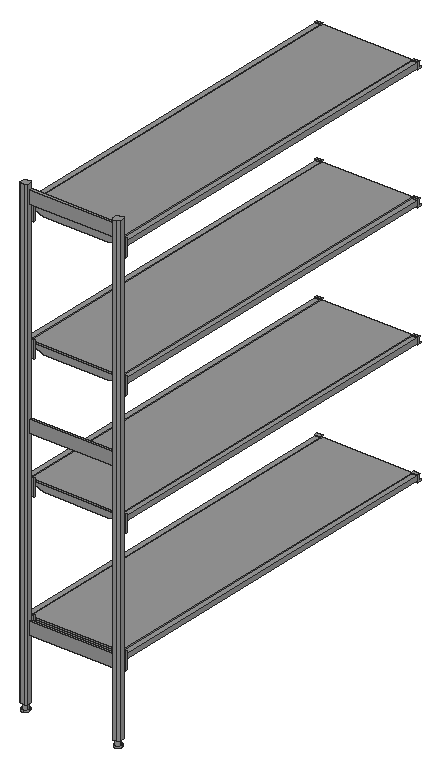
Revit family "QF_ZANUSSI_137057_ACS1362", category Attrezzature speciali, Revit 2020
Family settings
  Quota connettore circolare = Usa diametro
  Tipo di parte = Normale
  Basato su piano di lavoro = No
  Sempre verticale = Sì
  Taglio con vuoti quando caricato = No
  Condiviso = No
  Punto di calcolo locali = No
Parameters (values of type "Standard")
  Weight = 21.00 kg
  Watts = 0 W
  Volts = 0 V
  URL Manufacturer = "http://www.zanussiprofessional.com"
  URL = "http://www.zanussiprofessional.com"
  Steam Supply Size = 0 mm
  Steam Supply Minimum Pressure = 0.0 Pa
  Steam Supply Maximum Pressure = 0.0 Pa
  Steam Consumption per Hour = 0
  Refrigeration Suction Line Size = 0.0 mm
  Refrigeration Liquid Line Size = 0.0 mm
  Refrigerant Compressor Remote = yes
  Prospetto di default = 0.0 mm
  Phase = 0
  Modello = "ACS1362"
  Produttore = "Zanussi"
  Length Actual = 1366.0 mm  # constant formula
  Item Number = "137057"
  Hot Water Size = 0 mm
  Height Actual = 1700.0 mm  # constant formula
  HP = "0 HP"
  Gas Size = 0 mm
  Gas KW = 0
  Gas Input Pressure = 0 W
  Direct Waste Size = 0 mm
  Descrizione = "ALUM.CORNER SHELV.-POLY.TIERS-373X1366MM"
  Depth Actual = 373.0 mm  # constant formula
  Cycle = 0 Hz
  Condensate Return Size = 0 mm
  Compressed Air Volume = 0.0 L/s
  Compressed Air Size = 0 mm
  Compressed Air Pressure = 0.0 Pa
  Cold Water Size = 0 mm
  Accessory = yes
Reference planes
  plane 1: z = 0
  plane 2 "Center (F/B)": y = -163.5
  plane 3 "Front": y = -549.5
  plane 4 "Left": x = -217.5
  plane 5 "Right": x = 155.5
  plane 6 "TOP": z = 1700
  plane 7: y = -517.5
  plane 8: y = 812.5
  plane 9 "Center (Left/Right)": x = -31
  plane 10: y = 807.5
  plane 11: x = -186
  plane 12: x = 124
  plane 13 "FEET": z = 25
  plane 14: z = 275
  plane 15: z = 725
  plane 16: z = 1175
  plane 17: z = 1625
  plane 18 "CXLeft": y = -535.5
  plane 19: x = -200
  plane 20 "CYBack": x = -200
  plane 21 "CYFront": x = 138
  plane 22 "Back": y = 816.5
  plane 23 "LEFT_ORIGIN": x = -251.5
  plane 24 "BACK_Origin": y = 1189.5
Forms (mm)
  Extrusion 1, solid, material "QF_Aluminum"
    sketch origin (0, -549.5, 0) x (-1, 0, 0) y (0, 0, 1)
      loop
        line (198.5, 1650.994) -> (198.5, 1632.998) -> (217.5, 1632.998) -> (217.5, 1650.994) -> (198.5, 1650.994)
      loop
        line (-136.5, 1650.994) -> (-155.5, 1650.994) -> (-155.5, 1632.998) -> (-136.5, 1632.998) -> (-136.5, 1650.994)
      loop
        line (198.5, 1200.994) -> (198.5, 1182.998) -> (217.5, 1182.998) -> (217.5, 1200.994) -> (198.5, 1200.994)
      loop
        line (-136.5, 1200.994) -> (-155.5, 1200.994) -> (-155.5, 1182.998) -> (-136.5, 1182.998) -> (-136.5, 1200.994)
      loop
        line (198.5, 750.994) -> (198.5, 732.998) -> (217.5, 732.998) -> (217.5, 750.994) -> (198.5, 750.994)
      loop
        line (-136.5, 750.994) -> (-155.5, 750.994) -> (-155.5, 732.998) -> (-136.5, 732.998) -> (-136.5, 750.994)
      loop
        line (198.5, 300.994) -> (198.5, 282.998) -> (217.5, 282.998) -> (217.5, 300.994) -> (198.5, 300.994)
      loop
        line (-136.5, 300.994) -> (-155.5, 300.994) -> (-155.5, 282.998) -> (-136.5, 282.998) -> (-136.5, 300.994)
    from 32 to 1362
  Extrusion 2, solid, material "QF_Polyethylene"
    sketch origin (0, -549.5, 0) x (-1, 0, 0) y (0, 0, 1)
      loop
        line (196.507, 1650.994) -> (-134.5, 1650.994) -> (-134.5, 1644.496) -> (196.507, 1644.496) -> (196.507, 1650.994)
      loop
        line (196.507, 1200.994) -> (-134.5, 1200.994) -> (-134.5, 1194.496) -> (196.507, 1194.496) -> (196.507, 1200.994)
      loop
        line (196.507, 750.994) -> (-134.5, 750.994) -> (-134.5, 744.496) -> (196.507, 744.496) -> (196.507, 750.994)
      loop
        line (196.507, 300.994) -> (-134.5, 300.994) -> (-134.5, 294.496) -> (196.507, 294.496) -> (196.507, 300.994)
    from 32 to 1362
Lines and regions (mm)
  symbolic lines
    curve 1: line (-198.5, 812.5, 1700) -> (-198.5, -517.5, 1700)
    curve 2: line (-217.5, -521.5, 1700) -> (-217.5, 812.5, 1700)
    curve 3: line (155.5, -521.5, 1700) -> (155.5, 812.5, 1700)
    curve 4: line (-181.507, -517.5, 1700) -> (119.507, -517.5, 1700)
    curve 5: line (136.5, -517.5, 1700) -> (136.5, 812.5, 1700)
    curve 6: line (-198.5, 812.5, 1700) -> (136.5, 812.5, 1700)
Dimensions and locks
  plane 3 "Front" to plane 2 "Center (F/B)" = 386.0 mm
  locked: plane 6 "TOP" to level at 1700
  locked: plane 4 "Left" to plane 5 "Right" at 373
  locked: plane 7 to plane 8 at 1330
  locked: plane 3 "Front" to plane 7 at 32
  plane 10 to plane 8 = 5.0 mm
  locked: plane 11 to plane 12 at 310
  equal spacing: plane 11, plane 9 "Center (Left/Right)", plane 12
  equal spacing: plane 4 "Left", plane 9 "Center (Left/Right)", plane 5 "Right"
  plane 13 "FEET" to level = 25.0 mm
  plane 6 "TOP" to plane 13 "FEET" = 1675.0 mm
  plane 14 to plane 13 "FEET" = 250.0 mm
  plane 15 to plane 14 = 450.0 mm
  plane 16 to plane 15 = 450.0 mm
  plane 17 to plane 16 = 450.0 mm
  locked: plane 3 "Front" to plane 18 "CXLeft" at 14
  locked: plane 3 "Front" to plane 22 "Back" at 1366
  plane 23 "LEFT_ORIGIN" to plane 5 "Right" = 407.0 mm
  locked: plane 22 "Back" to plane 24 "BACK_Origin" at 373
  aligned and locked: level to plane 1
  aligned and locked: Extrusion 2 to plane 7
  aligned and locked: plane 8 to Extrusion 2
  aligned and locked: Extrusion 1 to plane 7
  aligned and locked: plane 8 to Extrusion 1
  aligned and locked: Extrusion 1 sketch curve to Extrusion 1 sketch curve  (x2)
  aligned and locked: nested 1 to plane 18 "CXLeft"
  aligned and locked: nested 2 to plane 10
Automatic sketch dimensions
  curve 2 to plane 4 "Left" = 0.0 mm
  curve 3 to plane 5 "Right" = 0.0 mm
  plane 7 to curve 1 = 0.0 mm
  plane 7 to curve 4 = 0.0 mm
  plane 7 to curve 5 = 0.0 mm
  plane 8 to curve 2 = 0.0 mm
  plane 8 to curve 1 = 0.0 mm
  plane 8 to curve 3 = 0.0 mm
  plane 21 "CYFront" to curve 5 = 1.5 mm
  plane 19 to curve 6 = 1.5 mm
  plane 7 to curve 3 = 4.0 mm
  plane 7 to curve 2 = 4.0 mm
  plane 12 to curve 4 = 4.493 mm
  curve 4 to plane 11 = 4.493 mm
  plane 5 "Right" to Extrusion 1 sketch curve = 0.0 mm  (x4)
  plane 4 "Left" to Extrusion 1 sketch curve = 0.0 mm  (x4)
  plane 21 "CYFront" to Extrusion 1 sketch curve = 1.5 mm  (x2)
  plane 19 to Extrusion 1 sketch curve = 1.5 mm  (x4)
  plane 14 to Extrusion 1 sketch curve = 7.998 mm  (x2)
  Extrusion 1 sketch curve to Extrusion 1 sketch curve = 17.997 mm  (x8)
  plane 15 to Extrusion 1 sketch curve = 7.998 mm  (x2)
  plane 16 to Extrusion 1 sketch curve = 7.998 mm  (x2)
  plane 17 to Extrusion 1 sketch curve = 7.998 mm  (x2)
  plane 21 "CYFront" to Extrusion 2 sketch curve = 3.5 mm  (x4)
  plane 19 to Extrusion 2 sketch curve = 3.493 mm  (x4)
  plane 14 to Extrusion 2 sketch curve = 19.496 mm
  Extrusion 2 sketch curve to Extrusion 2 sketch curve = 6.499 mm  (x4)
  plane 15 to Extrusion 2 sketch curve = 19.496 mm
  plane 16 to Extrusion 2 sketch curve = 19.496 mm
  plane 17 to Extrusion 2 sketch curve = 19.496 mm
Nested families
  nested 1: "WT_Anta373" at (-194.5, -132.5, 0) x (0, 1, 0) z (0, 0, 1), type "WT_Anta373"
  nested 2: "WT_Aggancio373" at (-194.5, 1224.5, 0) x (0, 1, 0) z (0, 0, 1), type "WT_Aggancio373"
Definition of nested family "WT_Anta373"
  Parameters
    WidthLeft = A + 64.0 mm  # 772.0 mm
    Width = 1606.0 mm
    Right = WidthLeft / 2  # 386.0 mm
    Default Elevation = 0.0 mm
    Left = -WidthLeft / 2  # -386.0 mm
    Height = 1725.0 mm
    FEET = 25.0 mm
    E = 0.0 mm
    Dint = Depth - 63.0 mm  # 310.0 mm
    Dext = Depth - 8.0 mm  # 365.0 mm
    Depth = 373.0 mm
    DX = (WidthLeft - A) / 2  # 32.0 mm
    B = 798.0 mm
    A = 708.0 mm
  Reference planes
    plane 1: z = 0
    plane 2 "LEFT": x = -417
    plane 3 "BACK": y = 23
    plane 4 "FRONT": y = -350
    plane 5 "TOP": z = 1725
    plane 6 "Center (Front/Back)": y = -163.5
    plane 7: y = -8.5
    plane 8: y = -318.5
    plane 9 "FEET": z = 25
    plane 10: z = 275
    plane 11: z = 725
    plane 12: z = 1175
    plane 13: z = 1625
    plane 14 "CXLeft": x = -403
    plane 15: y = 5.5
    plane 16 "CYBack": y = 5.5
    plane 17 "CYFront": y = -332.5
    plane 18: x = -385.031
    plane 19: x = -380.031
  Forms (mm)
    Extrusion 1, solid
      sketch origin (0, 0, 0) x (1, 0, 0) y (0, 1, 0)
        loop
          line (-417, 13.246) -> (-417, -2.246) -> (-410.746, -8.5) -> (-395.254, -8.5) -> (-389, -2.246) -> (-389, 13.246) -> (-395.254, 19.5) -> (-410.746, 19.5) -> (-417, 13.246)
      from 1725 to 25
    Extrusion 2, solid
      sketch origin (-417, 0, 0) x (0, 1, 0) y (0, 0, 1)
        loop
          line (23, 246.005) -> (23, 307.993) -> (-12.993, 307.993) -> (-12.993, 246.005) -> (23, 246.005)
        loop
          line (-350, 246.005) -> (-314.007, 246.005) -> (-314.007, 307.993) -> (-350, 307.993) -> (-350, 246.005)
        loop
          line (23, 696.005) -> (23, 757.993) -> (-12.993, 757.993) -> (-12.993, 696.005) -> (23, 696.005)
        loop
          line (-350, 696.005) -> (-314.007, 696.005) -> (-314.007, 757.993) -> (-350, 757.993) -> (-350, 696.005)
        loop
          line (23, 1146.005) -> (23, 1207.993) -> (-12.993, 1207.993) -> (-12.993, 1146.005) -> (23, 1146.005)
        loop
          line (-350, 1146.005) -> (-314.007, 1146.005) -> (-314.007, 1207.993) -> (-350, 1207.993) -> (-350, 1146.005)
        loop
          line (23, 1596.005) -> (23, 1657.993) -> (-12.993, 1657.993) -> (-12.993, 1596.005) -> (23, 1596.005)
        loop
          line (-350, 1596.005) -> (-314.007, 1596.005) -> (-314.007, 1657.993) -> (-350, 1657.993) -> (-350, 1596.005)
      from 28 to 32
    Revolve 3, solid
      sketch origin (-403, 0, 0) x (0, 1, 0) y (0, 0, 1)
        loop
          line (5.5, 25) -> (5.5, 0) -> (19, 0) -> (19, 5) -> (14, 5) -> (14, 25) -> (5.5, 25)
        axis (5.5, 25) -> (5.5, 0)
      angle from 0 to 360
    Extrusion 4, solid
      sketch origin (-403, 0, 0) x (0, 1, 0) y (0, 0, 1)
        loop
          line (-8.5, 912.382) -> (-8.5, 957.374) -> (-318.5, 957.374) -> (-318.5, 912.382) -> (-8.5, 912.382)
        loop
          line (-8.5, 1662.244) -> (-8.5, 1707.236) -> (-318.5, 1707.236) -> (-318.5, 1662.244) -> (-8.5, 1662.244)
      from -5 to 5
    Revolve 5, solid
      sketch origin (-403, -627, 0) x (0, -1, 0) y (0, 0, 1)
        loop
          line (-294.5, 25) -> (-294.5, 0) -> (-281, 0) -> (-281, 5) -> (-286, 5) -> (-286, 25) -> (-294.5, 25)
        axis (-294.5, 25) -> (-294.5, 0)
      angle from 0 to 360
    Extrusion 6, solid
      sketch origin (0, -627, 0) x (1, 0, 0) y (0, 1, 0)
        loop
          line (-417, 286.754) -> (-410.746, 280.5) -> (-395.254, 280.5) -> (-389, 286.754) -> (-389, 302.246) -> (-395.254, 308.5) -> (-410.746, 308.5) -> (-417, 302.246) -> (-417, 286.754)
      from 1725 to 25
    Extrusion 7, solid
      sketch origin (-417.031, -0.022, 0) x (0, 1, 0) y (0, 0, -1)
        loop
          line (-12, -1632.998) -> (-46, -1620.994) -> (-281, -1620.994) -> (-315, -1632.998) -> (-331, -1632.998) -> (-331, -1650.994) -> (-329, -1650.994) -> (-329, -1644.496) -> (2.007, -1644.496) -> (2.007, -1650.994) -> (4, -1650.994) -> (4, -1632.998) -> (-12, -1632.998)
        loop
          line (-12, -1182.998) -> (-46, -1170.994) -> (-281, -1170.994) -> (-315, -1182.998) -> (-331, -1182.998) -> (-331, -1200.994) -> (-329, -1200.994) -> (-329, -1194.496) -> (2.007, -1194.496) -> (2.007, -1200.994) -> (4, -1200.994) -> (4, -1182.998) -> (-12, -1182.998)
        loop
          line (-12, -732.998) -> (-46, -720.994) -> (-281, -720.994) -> (-315, -732.998) -> (-331, -732.998) -> (-331, -750.994) -> (-329, -750.994) -> (-329, -744.496) -> (2.007, -744.496) -> (2.007, -750.994) -> (4, -750.994) -> (4, -732.998) -> (-12, -732.998)
        loop
          line (-12, -282.998) -> (-46, -270.994) -> (-281, -270.994) -> (-315, -282.998) -> (-331, -282.998) -> (-331, -300.994) -> (-329, -300.994) -> (-329, -294.496) -> (2.007, -294.496) -> (2.007, -300.994) -> (4, -300.994) -> (4, -282.998) -> (-12, -282.998)
      from -32 to -37
    Extrusion 8, solid
      sketch origin (-403, 0, -659.878) x (0, 1, 0) y (0, 0, 1)
        loop
          line (-8.5, 912.382) -> (-8.5, 957.374) -> (-318.5, 957.374) -> (-318.5, 912.382) -> (-8.5, 912.382)
        loop
          line (-8.5, 1572.382) -> (-8.5, 1617.374) -> (-318.5, 1617.374) -> (-318.5, 1572.382) -> (-8.5, 1572.382)
        loop
          line (-8.5, 2322.382) -> (-8.5, 2367.374) -> (-318.5, 2367.374) -> (-318.5, 2322.382) -> (-8.5, 2322.382)
      from -5 to 5
  Lines and regions (mm)
    symbolic lines
      curve 1: line (-408, -8.5, 1725) -> (-408, -318.5, 1725)
      curve 2: line (-398, -318.5, 1725) -> (-398, -8.5, 1725)
      curve 3: line (-395.254, -8.5, 1725) -> (-410.746, -8.5, 1725)
      curve 4: line (-417, -2.246, 1725) -> (-410.746, -8.5, 1725)
      curve 5: line (-417, 13.246, 1725) -> (-417, -2.246, 1725)
      curve 6: line (-410.746, 19.5, 1725) -> (-417, 13.246, 1725)
      curve 7: line (-395.254, 19.5, 1725) -> (-410.746, 19.5, 1725)
      curve 8: line (-389, 13.246, 1725) -> (-395.254, 19.5, 1725)
      curve 9: line (-395.254, -8.5, 1725) -> (-389, -2.246, 1725)
      curve 10: line (-395.254, -318.5, 1725) -> (-410.746, -318.5, 1725)
      curve 11: line (-417, -324.754, 1725) -> (-410.746, -318.5, 1725)
      curve 12: line (-410.746, -346.5, 1725) -> (-417, -340.246, 1725)
      curve 13: line (-395.254, -346.5, 1725) -> (-410.746, -346.5, 1725)
      curve 14: line (-389, -340.246, 1725) -> (-395.254, -346.5, 1725)
      curve 15: line (-395.254, -318.5, 1725) -> (-389, -324.754, 1725)
      curve 16: line (-389, -350, 1725) -> (-389, -314.007, 1725)
      curve 17: line (-389, -314.007, 1725) -> (-385, -314.007, 1725)
      curve 18: line (-389, 23, 1725) -> (-389, -12.993, 1725)
      curve 19: line (-389, -12.993, 1725) -> (-385, -12.993, 1725)
      curve 20: line (-417, -324.754, 1725) -> (-417, -340.246, 1725)
      curve 21: line (-385, -350, 1725) -> (-385, -314.007, 1725)
      curve 22: line (-385, -350, 1725) -> (-389, -350, 1725)
      curve 23: line (-385, 23, 1725) -> (-389, 23, 1725)
      curve 24: line (-385, -12.993, 1725) -> (-385, 23, 1725)
      curve 25: line (-385.031, -13.016, 1725) -> (-385.031, -314.029, 1725)
  Dimensions and locks
    "Height": plane 5 "TOP" to level
    "Depth": plane 3 "BACK" to plane 4 "FRONT"
    "Dint": plane 7 to plane 8
    equal spacing: plane 7, plane 6 "Center (Front/Back)", plane 8
    equal spacing: plane 3 "BACK", plane 6 "Center (Front/Back)", plane 4 "FRONT"
    plane 9 "FEET" to level = 25.0 mm
    plane 5 "TOP" to plane 9 "FEET" = 1700.0 mm
    plane 10 to plane 9 "FEET" = 250.0 mm
    plane 11 to plane 10 = 450.0 mm
    plane 12 to plane 11 = 450.0 mm
    plane 13 to plane 12 = 450.0 mm
    locked: plane 2 "LEFT" to plane 14 "CXLeft" at 14
    locked: plane 3 "BACK" to plane 16 "CYBack" at 17.5
    locked: plane 17 "CYFront" to plane 4 "FRONT" at 17.5
    locked: Revolve 3 sketch curve to Revolve 3 sketch curve at 8.5
    locked: Revolve 3 sketch curve to plane 16 "CYBack" at 13.5
    locked: Revolve 5 sketch curve to Revolve 5 sketch curve at 8.5
    aligned and locked: level to plane 1
    aligned and locked: curve 20 to Extrusion 6
    aligned and locked: plane 5 "TOP" to Extrusion 1
    aligned and locked: plane 5 "TOP" to Extrusion 6
    aligned and locked: Extrusion 7 sketch curve to Extrusion 7 sketch curve  (x3)
  Automatic sketch dimensions
    curve 16 to plane 4 "FRONT" = 0.0 mm
    curve 11 to plane 8 = 0.0 mm
    curve 9 to plane 7 = 0.0 mm
    curve 5 to plane 2 "LEFT" = 0.0 mm
    curve 23 to plane 3 "BACK" = 0.0 mm
    plane 4 "FRONT" to curve 13 = 3.5 mm
    curve 20 to plane 17 "CYFront" = 7.746 mm
    curve 20 to plane 8 = 6.254 mm
    plane 8 to curve 16 = 4.493 mm
    curve 24 to plane 18 = 0.031 mm
    curve 24 to plane 7 = 4.493 mm
    plane 7 to curve 5 = 6.254 mm
    curve 5 to plane 15 = 7.746 mm
    curve 6 to plane 3 "BACK" = 3.5 mm
    curve 21 to plane 18 = 0.031 mm
    plane 18 to curve 23 = 3.969 mm
    plane 18 to curve 16 = 3.969 mm
    curve 18 to curve 8 = 6.254 mm
    curve 18 to curve 3 = 6.254 mm
    curve 16 to curve 13 = 6.254 mm
    curve 16 to curve 15 = 6.254 mm
    plane 2 "LEFT" to curve 10 = 6.254 mm
    plane 2 "LEFT" to curve 7 = 6.254 mm
    plane 2 "LEFT" to curve 12 = 6.254 mm
    plane 2 "LEFT" to curve 3 = 6.254 mm
    curve 14 to plane 17 "CYFront" = 7.746 mm
    curve 15 to plane 8 = 6.254 mm
    plane 7 to curve 9 = 6.254 mm
    curve 8 to plane 15 = 7.746 mm
    curve 3 to curve 2 = 2.746 mm
    curve 1 to curve 10 = 2.746 mm
    Extrusion 1 sketch curve to plane 2 "LEFT" = 0.0 mm
    Extrusion 1 sketch curve to plane 7 = 0.0 mm
    plane 2 "LEFT" to Extrusion 1 sketch curve = 6.254 mm  (x2)
    plane 14 "CXLeft" to Extrusion 1 sketch curve = 7.746 mm  (x2)
    Extrusion 1 sketch curve to plane 3 "BACK" = 3.5 mm
    plane 18 to Extrusion 1 sketch curve = 3.969 mm
    plane 7 to Extrusion 1 sketch curve = 6.254 mm  (x2)
    Extrusion 1 sketch curve to plane 15 = 7.746 mm  (x2)
    Extrusion 2 sketch curve to plane 4 "FRONT" = 0.0 mm  (x4)
    Extrusion 2 sketch curve to plane 3 "BACK" = 0.0 mm  (x4)
    plane 8 to Extrusion 2 sketch curve = 4.493 mm  (x4)
    Extrusion 2 sketch curve to plane 7 = 4.493 mm  (x4)
    Extrusion 2 sketch curve to plane 10 = 28.995 mm  (x2)
    plane 10 to Extrusion 2 sketch curve = 32.993 mm  (x2)
    Extrusion 2 sketch curve to plane 11 = 28.995 mm  (x2)
    plane 11 to Extrusion 2 sketch curve = 32.993 mm  (x2)
    Extrusion 2 sketch curve to plane 12 = 28.995 mm  (x2)
    plane 12 to Extrusion 2 sketch curve = 32.993 mm  (x2)
    Extrusion 2 sketch curve to plane 13 = 28.995 mm  (x2)
    plane 13 to Extrusion 2 sketch curve = 32.993 mm  (x2)
    Revolve 3 sketch curve to plane 9 "FEET" = 0.0 mm  (x2)
    Revolve 3 sketch curve to plane 15 = 0.0 mm  (x2)
    Revolve 3 sketch curve to level = 0.0 mm
    level to Revolve 3 sketch curve = 5.0 mm
    Revolve 3 sketch curve to Revolve 3 sketch curve = 11.655 mm
    Extrusion 4 sketch curve to plane 8 = 0.0 mm  (x2)
    Extrusion 4 sketch curve to plane 7 = 0.0 mm  (x2)
    plane 11 to Extrusion 4 sketch curve = 187.382 mm
    Extrusion 4 sketch curve to Extrusion 4 sketch curve = 44.992 mm
    plane 13 to Extrusion 4 sketch curve = 37.244 mm
    Extrusion 4 sketch curve to plane 5 "TOP" = 17.764 mm
    Revolve 5 sketch curve to plane 9 "FEET" = 0.0 mm  (x2)
    Revolve 5 sketch curve to plane 17 "CYFront" = 0.0 mm  (x2)
    Revolve 5 sketch curve to level = 0.0 mm
    Revolve 5 sketch curve to plane 4 "FRONT" = 4.0 mm
    Revolve 5 sketch curve to Revolve 5 sketch curve = 5.0 mm
    level to Revolve 5 sketch curve = 11.655 mm
    Extrusion 6 sketch curve to plane 2 "LEFT" = 0.0 mm
    Extrusion 6 sketch curve to plane 8 = 0.0 mm
    Extrusion 6 sketch curve to plane 2 "LEFT" = 6.254 mm  (x2)
    Extrusion 6 sketch curve to plane 14 "CXLeft" = 7.746 mm  (x2)
    Extrusion 6 sketch curve to plane 4 "FRONT" = 3.5 mm
    Extrusion 6 sketch curve to plane 18 = 3.969 mm
    plane 8 to Extrusion 6 sketch curve = 6.254 mm  (x2)
    plane 17 "CYFront" to Extrusion 6 sketch curve = 7.746 mm  (x2)
    plane 17 "CYFront" to Extrusion 7 sketch curve = 1.478 mm  (x4)
    Extrusion 7 sketch curve to Extrusion 7 sketch curve = 2.0 mm
    plane 8 to Extrusion 7 sketch curve = 3.478 mm  (x4)
    Extrusion 7 sketch curve to plane 10 = 4.006 mm
    Extrusion 7 sketch curve to Extrusion 7 sketch curve = 34.0 mm  (x4)
    Extrusion 7 sketch curve to plane 11 = 4.006 mm
    Extrusion 7 sketch curve to plane 12 = 4.006 mm
    Extrusion 7 sketch curve to plane 13 = 4.006 mm
    Extrusion 7 sketch curve to plane 7 = 37.522 mm  (x4)
    Extrusion 7 sketch curve to plane 7 = 3.522 mm  (x4)
    plane 15 to Extrusion 7 sketch curve = 3.516 mm  (x4)
    plane 15 to Extrusion 7 sketch curve = 1.522 mm  (x4)
    plane 13 to Extrusion 7 sketch curve = 7.998 mm  (x2)
    Extrusion 7 sketch curve to Extrusion 7 sketch curve = 11.498 mm
    Extrusion 7 sketch curve to Extrusion 7 sketch curve = 6.499 mm  (x5)
    plane 12 to Extrusion 7 sketch curve = 25.994 mm  (x2)
    plane 12 to Extrusion 7 sketch curve = 7.998 mm  (x2)
    plane 11 to Extrusion 7 sketch curve = 25.994 mm  (x2)
    plane 11 to Extrusion 7 sketch curve = 7.998 mm  (x2)
    plane 10 to Extrusion 7 sketch curve = 25.994 mm  (x2)
    plane 10 to Extrusion 7 sketch curve = 7.998 mm  (x2)
    curve 25 to plane 18 = 0.0 mm
    plane 8 to curve 25 = 4.471 mm
    curve 25 to plane 7 = 4.516 mm
    Extrusion 8 sketch curve to plane 8 = 0.0 mm  (x3)
    Extrusion 8 sketch curve to plane 7 = 0.0 mm  (x3)
    Extrusion 8 sketch curve to plane 10 = 22.496 mm
    plane 10 to Extrusion 8 sketch curve = 22.496 mm
    plane 11 to Extrusion 8 sketch curve = 187.504 mm
    Extrusion 8 sketch curve to Extrusion 8 sketch curve = 44.992 mm
    plane 13 to Extrusion 8 sketch curve = 37.504 mm
    Extrusion 8 sketch curve to plane 5 "TOP" = 17.504 mm
Definition of nested family "WT_Aggancio373"
  Parameters
    WidthLeft = A + 64.0 mm  # 772.0 mm
    Width = 1606.0 mm
    Right = WidthLeft / 2  # 386.0 mm
    Default Elevation = 0.0 mm
    Left = -WidthLeft / 2  # -386.0 mm
    Height = 1725.0 mm
    FEET = 25.0 mm
    E = 0.0 mm
    Dint = Depth - 63.0 mm  # 310.0 mm
    Dext = Depth - 8.0 mm  # 365.0 mm
    Depth = 373.0 mm
    DX = (WidthLeft - A) / 2  # 32.0 mm
    B = 798.0 mm
    A = 708.0 mm
  Reference planes
    plane 1: z = 0
    plane 2 "LEFT": x = -417
    plane 3 "BACK": y = 23
    plane 4 "FRONT": y = -350
    plane 5 "TOP": z = 1725
    plane 6 "Center (Front/Back)": y = -163.5
    plane 7: y = -8.5
    plane 8: y = -318.5
    plane 9 "FEET": z = 25
    plane 10: z = 275
    plane 11: z = 725
    plane 12: z = 1175
    plane 13: z = 1625
    plane 14: y = 5.5
    plane 15 "CYBack": y = 5.5
    plane 16 "CYFront": y = -332.5
  Forms (mm)
    Extrusion 1, solid
      sketch origin (-380, -0.022, 0) x (0, 1, 0) y (0, 0, 1)
        loop
          line (-12, 1632.998) -> (4, 1632.998) -> (4, 1650.994) -> (2.007, 1650.994) -> (2.007, 1644.496) -> (-329, 1644.496) -> (-329, 1650.994) -> (-331, 1650.994) -> (-331, 1632.998) -> (-315, 1632.998) -> (-281, 1620.994) -> (-46, 1620.994) -> (-12, 1632.998)
        loop
          line (-12, 1182.998) -> (4, 1182.998) -> (4, 1200.994) -> (2.007, 1200.994) -> (2.007, 1194.496) -> (-329, 1194.496) -> (-329, 1200.994) -> (-331, 1200.994) -> (-331, 1182.998) -> (-315, 1182.998) -> (-281, 1170.994) -> (-46, 1170.994) -> (-12, 1182.998)
        loop
          line (-12, 732.998) -> (4, 732.998) -> (4, 750.994) -> (2.007, 750.994) -> (2.007, 744.496) -> (-329, 744.496) -> (-329, 750.994) -> (-331, 750.994) -> (-331, 732.998) -> (-315, 732.998) -> (-281, 720.994) -> (-46, 720.994) -> (-12, 732.998)
        loop
          line (-12, 282.998) -> (4, 282.998) -> (4, 300.994) -> (2.007, 300.994) -> (2.007, 294.496) -> (-329, 294.496) -> (-329, 300.994) -> (-331, 300.994) -> (-331, 282.998) -> (-315, 282.998) -> (-281, 270.994) -> (-46, 270.994) -> (-12, 282.998)
      from -32 to -37
    Extrusion 2, solid
      sketch origin (-793.062, -324.754, 6.5) x (1, 0, 0) y (0, 0, 1)
        loop
          line (385.062, 1644.496) -> (385.062, 1647.496) -> (376.062, 1647.496) -> (376.062, 1620.994) -> (390.031, 1620.994) -> (390.031, 1626.496) -> (381.062, 1626.496) -> (381.062, 1644.496) -> (385.062, 1644.496)
        loop
          line (385.062, 1194.496) -> (385.062, 1197.496) -> (376.062, 1197.496) -> (376.062, 1170.994) -> (390.031, 1170.994) -> (390.031, 1176.496) -> (381.062, 1176.496) -> (381.062, 1194.496) -> (385.062, 1194.496)
        loop
          line (385.062, 744.496) -> (385.062, 747.496) -> (376.062, 747.496) -> (376.062, 720.994) -> (390.031, 720.994) -> (390.031, 726.496) -> (381.062, 726.496) -> (381.062, 744.496) -> (385.062, 744.496)
        loop
          line (385.062, 294.496) -> (385.062, 297.496) -> (376.062, 297.496) -> (376.062, 270.994) -> (390.031, 270.994) -> (390.031, 276.496) -> (381.062, 276.496) -> (381.062, 294.496) -> (385.062, 294.496)
      from 6.268 to 25.246
    Extrusion 3, solid
      sketch origin (-793.062, 32.754, 6.5) x (1, 0, 0) y (0, 0, 1)
        loop
          line (385.062, 1644.496) -> (385.062, 1647.496) -> (376.062, 1647.496) -> (376.062, 1620.994) -> (390.031, 1620.994) -> (390.031, 1626.496) -> (381.062, 1626.496) -> (381.062, 1644.496) -> (385.062, 1644.496)
        loop
          line (385.062, 1194.496) -> (385.062, 1197.496) -> (376.062, 1197.496) -> (376.062, 1170.994) -> (390.031, 1170.994) -> (390.031, 1176.496) -> (381.062, 1176.496) -> (381.062, 1194.496) -> (385.062, 1194.496)
        loop
          line (385.062, 744.496) -> (385.062, 747.496) -> (376.062, 747.496) -> (376.062, 720.994) -> (390.031, 720.994) -> (390.031, 726.496) -> (381.062, 726.496) -> (381.062, 744.496) -> (385.062, 744.496)
        loop
          line (385.062, 294.496) -> (385.062, 297.496) -> (376.062, 297.496) -> (376.062, 270.994) -> (390.031, 270.994) -> (390.031, 276.496) -> (381.062, 276.496) -> (381.062, 294.496) -> (385.062, 294.496)
      from 9.754 to 28.776
  Lines and regions (mm)
    symbolic lines
      curve 1: line (-412, -350, 0) -> (-408, -350, 0)
      curve 2: line (-412, -331.022, 0) -> (-412, -350, 0)
      curve 3: line (-408, -331.022, 0) -> (-412, -331.022, 0)
      curve 4: line (-408, -350, 0) -> (-408, -331.022, 0)
      curve 5: line (-412, 3.978, 0) -> (-408, 3.978, 0)
      curve 6: line (-412, 23, 0) -> (-412, 3.978, 0)
      curve 7: line (-408, 23, 0) -> (-412, 23, 0)
      curve 8: line (-408, 3.978, 0) -> (-408, 23, 0)
  Dimensions and locks
    "Height": plane 5 "TOP" to level
    "Depth": plane 3 "BACK" to plane 4 "FRONT"
    "Dint": plane 7 to plane 8
    equal spacing: plane 7, plane 6 "Center (Front/Back)", plane 8
    equal spacing: plane 3 "BACK", plane 6 "Center (Front/Back)", plane 4 "FRONT"
    plane 9 "FEET" to level = 25.0 mm
    plane 5 "TOP" to plane 9 "FEET" = 1700.0 mm
    plane 10 to plane 9 "FEET" = 250.0 mm
    plane 11 to plane 10 = 450.0 mm
    plane 12 to plane 11 = 450.0 mm
    plane 13 to plane 12 = 450.0 mm
    locked: plane 3 "BACK" to plane 15 "CYBack" at 17.5
    locked: plane 16 "CYFront" to plane 4 "FRONT" at 17.5
    aligned and locked: level to plane 1
    aligned and locked: Extrusion 1 sketch curve to Extrusion 1 sketch curve  (x3)
  Automatic sketch dimensions
    plane 16 "CYFront" to Extrusion 1 sketch curve = 1.478 mm  (x4)
    Extrusion 1 sketch curve to Extrusion 1 sketch curve = 2.0 mm
    plane 8 to Extrusion 1 sketch curve = 3.478 mm  (x4)
    Extrusion 1 sketch curve to plane 10 = 4.006 mm
    Extrusion 1 sketch curve to Extrusion 1 sketch curve = 34.0 mm  (x4)
    Extrusion 1 sketch curve to plane 11 = 4.006 mm
    Extrusion 1 sketch curve to plane 12 = 4.006 mm
    Extrusion 1 sketch curve to plane 13 = 4.006 mm
    Extrusion 1 sketch curve to plane 7 = 37.522 mm  (x4)
    Extrusion 1 sketch curve to plane 7 = 3.522 mm  (x4)
    plane 14 to Extrusion 1 sketch curve = 3.516 mm  (x4)
    plane 14 to Extrusion 1 sketch curve = 1.522 mm  (x4)
    plane 10 to Extrusion 1 sketch curve = 7.998 mm  (x2)
    Extrusion 1 sketch curve to Extrusion 1 sketch curve = 11.498 mm  (x4)
    Extrusion 1 sketch curve to Extrusion 1 sketch curve = 6.499 mm  (x8)
    plane 11 to Extrusion 1 sketch curve = 7.998 mm  (x2)
    plane 12 to Extrusion 1 sketch curve = 7.998 mm  (x2)
    plane 13 to Extrusion 1 sketch curve = 7.998 mm  (x2)
    plane 2 "LEFT" to Extrusion 2 sketch curve = 0.0 mm  (x4)
    plane 13 to Extrusion 2 sketch curve = 7.996 mm
    plane 11 to Extrusion 2 sketch curve = 7.996 mm
    Extrusion 2 sketch curve to Extrusion 2 sketch curve = 5.0 mm  (x4)
    plane 11 to Extrusion 2 sketch curve = 2.494 mm
    plane 10 to Extrusion 2 sketch curve = 28.996 mm
    Extrusion 2 sketch curve to Extrusion 2 sketch curve = 3.0 mm  (x4)
    plane 10 to Extrusion 2 sketch curve = 7.996 mm
    plane 10 to Extrusion 2 sketch curve = 2.494 mm
    Extrusion 2 sketch curve to Extrusion 2 sketch curve = 18.0 mm  (x3)
    plane 12 to Extrusion 2 sketch curve = 2.494 mm
    plane 12 to Extrusion 2 sketch curve = 7.996 mm
    plane 13 to Extrusion 2 sketch curve = 2.494 mm
    plane 2 "LEFT" to Extrusion 3 sketch curve = 0.0 mm  (x4)
    plane 13 to Extrusion 3 sketch curve = 7.996 mm
    plane 11 to Extrusion 3 sketch curve = 7.996 mm
    Extrusion 3 sketch curve to Extrusion 3 sketch curve = 5.0 mm  (x4)
    plane 11 to Extrusion 3 sketch curve = 2.494 mm
    plane 10 to Extrusion 3 sketch curve = 28.996 mm
    Extrusion 3 sketch curve to Extrusion 3 sketch curve = 3.0 mm  (x4)
    plane 10 to Extrusion 3 sketch curve = 7.996 mm
    plane 10 to Extrusion 3 sketch curve = 2.494 mm
    Extrusion 3 sketch curve to Extrusion 3 sketch curve = 18.0 mm  (x3)
    plane 12 to Extrusion 3 sketch curve = 2.494 mm
    plane 12 to Extrusion 3 sketch curve = 7.996 mm
    plane 13 to Extrusion 3 sketch curve = 2.494 mm
    plane 2 "LEFT" to curve 1 = 5.0 mm
    plane 2 "LEFT" to curve 7 = 5.0 mm
    curve 1 to plane 16 "CYFront" = 17.5 mm
    curve 3 to plane 8 = 12.522 mm
    plane 7 to curve 5 = 12.478 mm
    curve 7 to plane 14 = 17.5 mm
    curve 5 to curve 5 = 4.0 mm
    curve 1 to curve 4 = 4.0 mm
    Extrusion 2 sketch curve to Extrusion 2 sketch curve = 4.0 mm  (x4)
    Extrusion 2 sketch curve to Extrusion 2 sketch curve = 8.969 mm  (x4)
    Extrusion 3 sketch curve to Extrusion 3 sketch curve = 4.0 mm  (x4)
    Extrusion 3 sketch curve to Extrusion 3 sketch curve = 8.969 mm  (x4)
